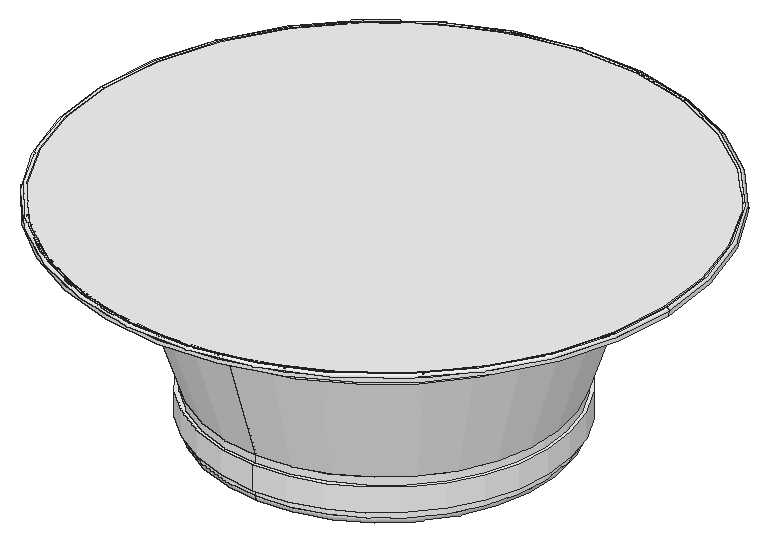
Revit family "Electronics_Commercial-Loudspeakers_Two-Way-Edge-Loudspeaker_CMX20DT", category Communication Devices, host Face, Revit 2020
Family settings
  Host = Face
  Maintain Annotation Orientation = No
  Round Connector Dimension = Use Diameter
  Part Type = Normal
  OmniClass Number = 23.85.10.11.14.14.14
  OmniClass Title = Loudspeakers
  Cut with Voids When Loaded = No
  Shared = No
  Room Calculation Point = No
Parameters (values of type "CMX20DT")
  Grill Material = Biamp - Plastic - White(Grid)
  Description = "CMX20DT 8 Two-Way, Thin Edge Loudspeaker, White"  # constant formula
  Applicable in 100V = "Yes"  # constant formula
  Frequency response in Hz = "50 - 20K"  # constant formula
  Woofer size in inch = "8"  # constant formula
  Vertical dispersion angle 1000 Hz = "180°"  # constant formula
  Tweeter size in inch = "1"  # constant formula
  SPL 1W/1m in dB = "88"  # constant formula
  Max SPL 1m in dB = "108"  # constant formula
  Woofer cone material = "Polypropylene"  # constant formula
  Weight = 3.1967 lbf  # constant formula
  URL = "https://www.biamp.com/"
  Product data url = "https://bimobject.com/biamp/product/cmx20dt_commercial-loudspeakers-ceiling"
  Product Page URL = "https://www.biamp.com/products/product-families/commercial-loudspeakers/ceiling-loudspeakers#cmx20dt"
  Product Documentation Link = "https://downloads.biamp.com/assets/docs/default-source/data-sheets/biamp_data_sheet_cmx20dt_aug20.pdf"
  Mounting system = "3 screws"  # constant formula
  Model = "CMX20DT"  # constant formula
  Manufacturer = "Biamp"  # constant formula
  Main construction material = "ABS plastic"  # constant formula
  Low impedance dynamic power in watts = "100"  # constant formula
  Low impedance RMS power in watts = "50"  # constant formula
  Loudspeaker system = "2-way"  # constant formula
  Installation grip range in mm = "6 - 29"  # constant formula
  Impedance in ohms = "16"  # constant formula
  IP rating = "50"  # constant formula
  Housing Material = Biamp - Plastic - White
  Grille main material = "Steel"  # constant formula
  Diameter = 0' - 9.84252"  # constant formula
  Depth = 0' - 3.4252"  # constant formula
  Default Elevation = 4' - 0"
  Cutout in mm = "223"  # constant formula
  Connector Description = "Terminal strip; Low impedance 16 ohms, 70/100V operation"  # constant formula
  Colour = "White"  # constant formula
  Closest RAL colour (subject to deviations) = "RAL9010"  # constant formula
  Applicable low impedance = "Yes"  # constant formula
  70V transformer power taps in = "20 - 10 - 5 - 2.5"  # constant formula
  100V transformer power taps in = "20 - 10 - 5"  # constant formula
Reference planes (in)
  plane 1 "Center (Front/Back)": y = 0
  plane 2: z = 0
  plane 3 "Center (Left/Right)": x = 0
Forms (in)
  Extrusion 1, solid, material "Biamp - Plastic - White" <- "Housing Material", detail levels coarse
    sketch origin (0, 0, 0) x (1, 0, 0) y (0, 1, 0)
      loop
        circle (0, 0) r 4.27698
    from -3.4252 to 0
  Extrusion 2, void
    sketch origin (0, 0, 0) x (1, 0, 0) y (0, 1, 0)
      loop
        circle (0, 0) r 4.27698
    from -3.4252 to 0
  Revolve 3, solid, material "Biamp - Plastic - White" <- "Housing Material", detail levels medium+fine
    sketch origin (0, 0, 0) x (1, 0, 0) y (0, 0, 1)
      loop
        line (0, 0) -> (0, 0.10089) -> (-4.8828, 0.10089)
        arc (-4.8828, 0.10089) -> (-4.91, 0.08962) -> (-4.92126, 0.06243) r 0.03846
        line (-4.92126, 0.06243) -> (-4.92126, 0) -> (0, 0)
      axis (0, 0) -> (0, 0.10089)
    angle from 0 to 360
  Revolve 4, solid, material "Biamp - Plastic - White" <- "Housing Material", detail levels medium+fine
    sketch origin (0, 0, 0) x (0, 1, 0) y (0, 0, 1)
      loop
        line (0, 0) -> (-4.27698, 0) -> (-4.27698, -0.3937) -> (-3.54677, -0.3937) -> (-2.77774, -2.67396) -> (-2.77774, -2.79748) -> (-2.8425, -2.79748) -> (-2.8425, -3.18972) -> (-2.77408, -3.18972) -> (-2.77408, -3.31092)
        arc (-2.77408, -3.31092) -> (-2.74061, -3.39172) -> (-2.6598, -3.4252) r 0.11428
        line (-2.6598, -3.4252) -> (0, -3.4252) -> (0, 0)
      axis (0, 0) -> (0, -3.4252)
    angle from 0 to 360
  Extrusion 5, void
    sketch origin (0, 0.24606, 0) x (1, 0, 0) y (0, 1, 0)
      loop
        circle (0, -0.93002) r 0.59055
    from -3.52735 to -3.39866
  Revolve 6, solid, material "Biamp - Plastic - White" <- "Housing Material", detail levels coarse
    sketch origin (0, 0, 0) x (1, 0, 0) y (0, 0, 1)
      loop
        line (0, 0) -> (0, 0.10089) -> (-4.8828, 0.10089)
        arc (-4.8828, 0.10089) -> (-4.91, 0.08962) -> (-4.92126, 0.06243) r 0.03846
        line (-4.92126, 0.06243) -> (-4.92126, 0) -> (0, 0)
      axis (0, 0) -> (0, 0.10089)
    angle from 0 to 360
  Extrusion 7, void
    sketch origin (0, 0, 0) x (1, 0, 0) y (0, 1, 0)
      loop
        circle (0, 0) r 4.84252
    from 0 to 0.38008
  Extrusion 8, solid, material "Biamp - Plastic - White(Grid)" <- "Grill Material", detail levels medium+fine
    sketch origin (0, 0, 0) x (1, 0, 0) y (0, 1, 0)
      loop
        circle (0, 0) r 4.84252
    from 0 to 0.10089
Cuts and joins
  Extrusion 5, Extrusion 7 cuts Extrusion 1
  Extrusion 5, Extrusion 7 cuts Revolve 3
  Extrusion 5, Extrusion 7 cuts Revolve 4
Lines and regions (in)
  Masking region 1
    outline origin (0, 0, 0) x (1, 0, 0) y (0, 1, 0)
      loop
        circle (0, 0) r 4.92126
  Masking region 2
    outline origin (0, 0, 0) x (1, 0, 0) y (0, 1, 0)
      loop
        circle (0, 0) r 4.84252
  Masking region 3
    outline origin (0, 0, 0) x (1, 0, 0) y (0, 0, 1)
      loop
        line (-4.27698, 0) -> (-4.27698, -3.4252) -> (4.27698, -3.4252) -> (4.27698, 0) -> (-4.27698, 0)
  Masking region 4
    outline origin (0, 0, 0) x (1, 0, 0) y (0, 0, 1)
      loop
        line (-4.92126, 0) -> (4.92126, 0) -> (4.92126, 0.04696)
        arc (4.92126, 0.04696) -> (4.90546, 0.08509) -> (4.86733, 0.10089) r 0.05393
        line (4.86733, 0.10089) -> (-4.86733, 0.10089)
        arc (-4.86733, 0.10089) -> (-4.90546, 0.08509) -> (-4.92126, 0.04696) r 0.05393
        line (-4.92126, 0.04696) -> (-4.92126, 0)
Dimensions and locks (in)
  aligned and locked: plane 2 to host face
  aligned and locked: level to host face
Connectors (in)
  electrical at (0, -0.68396, -3.39866), driven by "Connector Description"
    settings: on cut or joined group of Extrusion 1, Extrusion 5, Extrusion 7, index 1, voltage 0 V, apparent load 0 VA, apparent load phase1 0 VA, apparent load phase2 0 VA, apparent load phase3 0 VA, power factor 1, load classification "Other", number of poles 1, system type 5, power factor state 1, is connector primary yes, connector utility no, sub classification motor no, connector description "Terminal strip; Low impedance 16 ohms, 70/100V operation"
